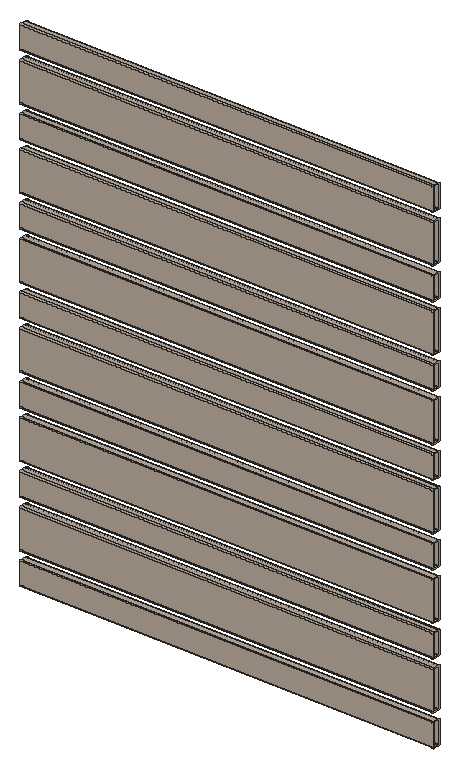
Revit family "Screening-Louver-Assembly-Panel-Palmshield-Mercury_Economic-Alternating-Semi_Private-Aluminum", category Specialty Equipment, Revit 2020
Family settings
  Round Connector Dimension = Use Diameter
  Part Type = Normal
  OmniClass Number = 23.55.00.00
  OmniClass Title = Manufactured Structures
  Work Plane-Based = No
  Always vertical = No
  Cut with Voids When Loaded = No
  Shared = No
  Room Calculation Point = No
Parameters (values of type "Assembly")
  Width [instance] = if(Desired Overall Width < C Min Width, C Min Width, if(Desired Overall Width > C Max Width, C Max Width, Desired Overall Width))  # 6' - 0"
  Warranty URL = "https://palmshieldlouvers.com/wp-content/uploads/2020/01/PalmSHIELD-Warranty-NO-SIGN-LINE.pdf"
  Version = "2020 - v1.0a"  # constant formula
  URL = "https://palmshieldlouvers.com/"
  Product Page URL = "https://palmshieldlouvers.com/products/mercury-eco-semi-private/"
  Product Documentation Link = "https://palmshieldlouvers.com/wp-content/uploads/2022/01/Mercury-Economic-Alternating-Semi-Private.pdf"
  Offset From Surface = 0' - 2"  # constant formula
  Model = "Mercury Economic - Alternating - Semi Private"  # constant formula
  Material = Metal - PalmSHIELD - Grey Beige
  Manufacturer Phone Number = "531-329-4406 "  # constant formula
  Manufacturer Email = "mailto: info@palmshieldlouvers.com"
  Manufacturer Address = "12330 Cary Circle, La Vista, NE 68128"  # constant formula
  Manufacturer = "PalmSHIELD"  # constant formula
  Louver Finish = Metal - PalmSHIELD - Grey Beige
  Keynote = "05 10 00"
  Instruction Sheet Link = "https://palmshieldlouvers.com/wp-content/uploads/2021/09/PalmSHIELD-Mercury-Series-Post-Panel-Gate-Installation-Instructions-2.docx"
  ID [instance] = "Not Assigned"
  Height [instance] = if(Desired Overall Height < C Min Height, C Min Height, if(Desired Overall Height > C Max Height, C Max Height, Desired Overall Height))  # 6' - 0"
  Desired Overall Width [instance] = 4' - 0"
  Desired Overall Height [instance] = 6' - 0"
  Desired Bottom Angle [instance] = 0.00°
  Description = "Mercury Economic - Alternating - Semi Private - Panel Assembly"  # constant formula
  Default Elevation = 0' - 0"
  Copyright = "Copyright ©2024 The American Fence Company and PalmSHIELD. All Rights Reserved."  # constant formula
  Component Vis [instance] = yes
  Component Name [instance] = "Mercury Economic - Alternating - Semi Private"  # constant formula
  C Min Width [instance] = 6' - 0"  # constant formula
  C Min Height [instance] = C Min Width  # 6' - 0"
  C Max Width [instance] = 5' - 0"  # constant formula
  C Max Height [instance] = 6' - 0"  # constant formula
  C Angle [instance] = if(Desired Bottom Angle > 10.00°, 10.00°, if(Desired Bottom Angle < -10.00°, -10.00°, Desired Bottom Angle))  # 0.00°
  Assembly Code = "F1020100"
Reference planes (in)
  plane 1 "Center (Front/Back)": y = 0
  plane 2: z = 0
  plane 3 "Center (Left/Right)": x = 0
  plane 4: z = 72
  plane 5: x = 72
  plane 6: y = 3
  plane 7: y = 1.5
Lines and regions (in)
  reference lines
    curve 1: line (48, 0, 96.95698) -> (48, 0, -11)
    curve 2: line (-20.8931, 0, 72) -> (95.1069, 0, 72)
Dimensions and locks (in)
  "Desired Overall Height": curve 2 to level
  "Desired Overall Width": curve 1 to plane 3 "Center (Left/Right)"
  "Height": plane 4 to level
  "Width": plane 5 to plane 3 "Center (Left/Right)"
  equal spacing: plane 1 "Center (Front/Back)", plane 7, plane 6
  aligned and locked: plane 2 to level
Automatic sketch dimensions
  curve 2 to plane 3 "Center (Left/Right)" = 1' - 8.8931"
  plane 5 to curve 2 = 1' - 11.1069"
  curve 1 to level = 0' - 11"
  plane 4 to curve 1 = 2' - 0.95698"
Nested families (in)
  nested 1: "Screening-Louver-Assembly-Panel-Palmshield-Mercury_Economic-Alternating-Semi_Private-Aluminum" at (0, -2, 0), Desired Overall Height <- "Desired Overall Height", Desired Overall Width <- "Desired Overall Width", ID <- "ID", Height <- "Height", Width <- "Width", Component Vis <- "Component Vis", type "Assembly"
    with Width 6' - 0", Louver Length 4' - 3 5/8", ID "Not Assigned", Height 6' - 0", Desired Overall Width 4' - 0", Desired Overall Height 6' - 0", Component Vis yes, Component Name "Mercury Economic Alternating Semi Private - Panel Assembly - Aluminum", C Top Post Length 4' - 0", C Straight Corner Angle 45.00°, C Slope Angle 0.00°, C Side Frame Width 0' - 0 7/8", C Side Adjustment 0' - 0", C Rib Thickness Bottom Offset 0' - 0", C Rib Bottom Side Offset 0' - 0", C Louver Offset 0' - 0 1/8", C Louver Count B 6, C Louver Count A 7, C Hip 4' - 0", C Frame Offset 0' - 0 3/8", C Desired Bottom Angle 0.00°, C Bottom Offset B 0' - 9", C B-Side Post Length 6' - 0", C B-Side Angle 45.00°, C Angle 90.00°, C A-Side Post Length 6' - 0", C A-Side Angle 45.00°
  nested 2: "Nested-Louvers-Palmshield-Mercury-Economic-Alternating-Semi_Private-Aluminum" at (-1.8125, 0, 8.5) x (0, 1, 0) z (1, 0, 0), type "0.938" X 3" ALUMINUM SLAT, TYP."
    with Material Metal - PalmSHIELD - Grey Beige, Length 4' - 3 5/8", ID "", Component Name "Mercury Economic Alternating Semi Private - Aluminum - Louvers"
  nested 3: "Nested-Louvers-Palmshield-Mercury-Economic-Alternating-Semi_Private-Aluminum" at (-1.8125, 0, 18.5) x (0, 1, 0) z (1, 0, 0), type "0.938" X 3" ALUMINUM SLAT, TYP."
    with Material Metal - PalmSHIELD - Grey Beige, Length 4' - 3 5/8", ID "", Component Name "Mercury Economic Alternating Semi Private - Aluminum - Louvers"
  nested 4: "Nested-Louvers-Palmshield-Mercury-Economic-Alternating-Semi_Private-Aluminum" at (-1.8125, 0, 28.5) x (0, 1, 0) z (1, 0, 0), type "0.938" X 3" ALUMINUM SLAT, TYP."
    with Material Metal - PalmSHIELD - Grey Beige, Length 4' - 3 5/8", ID "", Component Name "Mercury Economic Alternating Semi Private - Aluminum - Louvers"
  nested 5: "Nested-Louvers-Palmshield-Mercury-Economic-Alternating-Semi_Private-Aluminum" at (-1.8125, 0, 12.5) x (0, 1, 0) z (1, 0, 0), type "0.938" X 5" ALUMINUM SLAT, TYP."
    with Material Metal - PalmSHIELD - Grey Beige, Length 4' - 3 5/8", ID "", Component Name "Mercury Economic Alternating Semi Private - Aluminum - Louvers"
  nested 6: "Nested-Louvers-Palmshield-Mercury-Economic-Alternating-Semi_Private-Aluminum" at (-1.8125, 0, 22.5) x (0, 1, 0) z (1, 0, 0), type "0.938" X 5" ALUMINUM SLAT, TYP."
    with Material Metal - PalmSHIELD - Grey Beige, Length 4' - 3 5/8", ID "", Component Name "Mercury Economic Alternating Semi Private - Aluminum - Louvers"
  nested 7: "Nested-Louvers-Palmshield-Mercury-Economic-Alternating-Semi_Private-Aluminum" at (-1.8125, 0, 32.5) x (0, 1, 0) z (1, 0, 0), type "0.938" X 5" ALUMINUM SLAT, TYP."
    with Material Metal - PalmSHIELD - Grey Beige, Length 4' - 3 5/8", ID "", Component Name "Mercury Economic Alternating Semi Private - Aluminum - Louvers"
  nested 8: "Nested-Louvers-Palmshield-Mercury-Economic-Alternating-Semi_Private-Aluminum" at (-1.8125, 0, 42.5) x (0, 1, 0) z (1, 0, 0), type "0.938" X 5" ALUMINUM SLAT, TYP."
    with Material Metal - PalmSHIELD - Grey Beige, Length 4' - 3 5/8", ID "", Component Name "Mercury Economic Alternating Semi Private - Aluminum - Louvers"
  nested 9: "Nested-Louvers-Palmshield-Mercury-Economic-Alternating-Semi_Private-Aluminum" at (-1.8125, 0, 38.5) x (0, 1, 0) z (1, 0, 0), type "0.938" X 3" ALUMINUM SLAT, TYP."
    with Material Metal - PalmSHIELD - Grey Beige, Length 4' - 3 5/8", ID "", Component Name "Mercury Economic Alternating Semi Private - Aluminum - Louvers"
  nested 10: "Nested-Louvers-Palmshield-Mercury-Economic-Alternating-Semi_Private-Aluminum" at (-1.8125, 0, 48.5) x (0, 1, 0) z (1, 0, 0), type "0.938" X 3" ALUMINUM SLAT, TYP."
    with Material Metal - PalmSHIELD - Grey Beige, Length 4' - 3 5/8", ID "", Component Name "Mercury Economic Alternating Semi Private - Aluminum - Louvers"
  nested 11: "Nested-Louvers-Palmshield-Mercury-Economic-Alternating-Semi_Private-Aluminum" at (-1.8125, 0, 58.5) x (0, 1, 0) z (1, 0, 0), type "0.938" X 3" ALUMINUM SLAT, TYP."
    with Material Metal - PalmSHIELD - Grey Beige, Length 4' - 3 5/8", ID "", Component Name "Mercury Economic Alternating Semi Private - Aluminum - Louvers"
  nested 12: "Nested-Louvers-Palmshield-Mercury-Economic-Alternating-Semi_Private-Aluminum" at (-1.8125, 0, 52.5) x (0, 1, 0) z (1, 0, 0), type "0.938" X 5" ALUMINUM SLAT, TYP."
    with Material Metal - PalmSHIELD - Grey Beige, Length 4' - 3 5/8", ID "", Component Name "Mercury Economic Alternating Semi Private - Aluminum - Louvers"
  nested 13: "Nested-Louvers-Palmshield-Mercury-Economic-Alternating-Semi_Private-Aluminum" at (-1.8125, 0, 68.5) x (0, 1, 0) z (1, 0, 0), type "0.938" X 3" ALUMINUM SLAT, TYP."
    with Material Metal - PalmSHIELD - Grey Beige, Length 4' - 3 5/8", ID "", Component Name "Mercury Economic Alternating Semi Private - Aluminum - Louvers"
  nested 14: "Nested-Louvers-Palmshield-Mercury-Economic-Alternating-Semi_Private-Aluminum" at (-1.8125, 0, 62.5) x (0, 1, 0) z (1, 0, 0), type "0.938" X 5" ALUMINUM SLAT, TYP."
    with Material Metal - PalmSHIELD - Grey Beige, Length 4' - 3 5/8", ID "", Component Name "Mercury Economic Alternating Semi Private - Aluminum - Louvers"
Definition of nested family "Nested-Louvers-Palmshield-Mercury-Economic-Alternating-Semi_Private-Aluminum"
  Parameters (values of type "0.938" X 3" ALUMINUM SLAT, TYP.")
    Width = if(Constraints = 1, 0' 5", 0' 3")  # 0' - 3"
    Warranty URL = "https://palmshieldlouvers.com/wp-content/uploads/2020/01/PalmSHIELD-Warranty-NO-SIGN-LINE.pdf"
    Version = "2020 - v1.0a"  # constant formula
    URL = "https://palmshieldlouvers.com/"
    Thickness = 0' - 0 15/16"  # constant formula
    Product Page URL = "https://palmshieldlouvers.com/products/mercury-screening/"
    Product Documentation Link = "https://palmshieldlouvers.com/wp-content/uploads/2022/01/Mercury-Economic-Alternating-Semi-Private.pdf"
    Model = "Mercury Economic Semi Private Alternating"  # constant formula
    Material [instance] = none
    Manufacturer Phone Number = "531-329-4406 "  # constant formula
    Manufacturer Fax Number = "Consult Manufacturer Website for More Information"  # constant formula
    Manufacturer Email = "mailto: info@palmshieldlouvers.com"
    Manufacturer Address = "12330 Cary Circle, La Vista, NE 68128"  # constant formula
    Manufacturer = "PalmSHIELD"  # constant formula
    Length [instance] = 4' - 4.86713"
    Keynote = "05 10 00"
    Instruction Sheet Link = "https://palmshieldlouvers.com/wp-content/uploads/2021/09/PalmSHIELD-Mercury-Series-Post-Panel-Gate-Installation-Instructions-2.docx"
    ID [instance] = ""
    Description = "Mercury Economic Semi Private Alternating - Louvers"  # constant formula
    Default Elevation = 4' - 0"
    Copyright = "Copyright ©2024 The American Fence Company and PalmSHIELD. All Rights Reserved."  # constant formula
    Constraints = 2
    Component Name [instance] = "Mercury Economic Alternating Semi Private - Aluminum - Louvers"  # constant formula
    Assembly Code = "F1020100"
  Types (2): name | Width | Constraints
    0.938" X 5" ALUMINUM SLAT, TYP. | 0' - 5" | 1
    0.938" X 3" ALUMINUM SLAT, TYP. | 0' - 3" | 2
  Reference planes (in)
    plane 1 "Center (Front/Back)": y = 0
    plane 2: z = 0
    plane 3 "Center (Left/Right)": x = 0
    plane 4: z = 52.86713
  Forms (in)
    Extrusion 1, solid
      sketch origin (0, 0, 0) x (1, 0, 0) y (0, 1, 0)
        loop
          line (-48, 48) -> (-48, -48) -> (48, -48) -> (48, 48) -> (-48, 48)
      from 0 to -12
    Sweep 2, solid, material <- "Material"
      path origin (0, 0, 0) x (0, 1, 0) y (0, 0, 1)
        loop
          line (0, 0) -> (0, 52.86713)
      profile "Profile-Palmshield-Louver : Default" origin (0, 0, 26.43357) x (0, -1, 0) y (1, 0, 0)
        loop
          line (-0.125, 0.4065) -> (-2.875, 0.4065)
          arc (-2.875, 0.4065) -> (-2.91919, 0.38819) -> (-2.9375, 0.344) r 0.0625
          line (-2.9375, 0.344) -> (-2.9375, -0.344)
          arc (-2.9375, -0.344) -> (-2.91919, -0.38819) -> (-2.875, -0.4065) r 0.0625
          line (-2.875, -0.4065) -> (-0.125, -0.4065)
          arc (-0.125, -0.4065) -> (-0.08081, -0.38819) -> (-0.0625, -0.344) r 0.0625
          line (-0.0625, -0.344) -> (-0.0625, 0.344)
          arc (-0.0625, 0.344) -> (-0.08081, 0.38819) -> (-0.125, 0.4065) r 0.0625
        loop
          line (-3, 0.344) -> (-3, -0.344)
          arc (-3, -0.344) -> (-2.96339, -0.43239) -> (-2.875, -0.469) r 0.125
          line (-2.875, -0.469) -> (-0.125, -0.469)
          arc (-0.125, -0.469) -> (-0.03661, -0.43239) -> (0, -0.344) r 0.125
          line (0, -0.344) -> (0, 0.344)
          arc (0, 0.344) -> (-0.03661, 0.43239) -> (-0.125, 0.469) r 0.125
          line (-0.125, 0.469) -> (-2.875, 0.469)
          arc (-2.875, 0.469) -> (-2.96339, 0.43239) -> (-3, 0.344) r 0.125
  Dimensions and locks (in)
    "Length": plane 4 to plane 2
    aligned and locked: plane 2 to Extrusion 1
    aligned and locked: level to Extrusion 1
    aligned and locked: plane 1 "Center (Front/Back)" to Sweep 2 sketch curve
    aligned and locked: plane 4 to Sweep 2 sketch curve
  Automatic sketch dimensions
    Extrusion 1 sketch curve to Extrusion 1 sketch curve = 8' - 0"  (x2)
    Sweep 2 sketch curve to level = 0' - 0"
Definition of nested family "Screening-Louver-Assembly-Panel-Palmshield-Mercury_Economic-Alternating-Semi_Private-Aluminum"
  Parameters (values of type "Default")
    Width [instance] = if(Desired Overall Width < 3' 4", 3' 4", if(Desired Overall Width > 5' 0", 5' 0", Desired Overall Width))  # 4' - 0"
    Warranty URL = "https://palmshieldlouvers.com/wp-content/uploads/2020/01/PalmSHIELD-Warranty-NO-SIGN-LINE.pdf"
    Version = "2020 - v1.0a"  # constant formula
    URL = "https://palmshieldlouvers.com/"
    Offset From Surface = 0' - 3 1/2"  # constant formula
    Material = none
    Louver Separation = 0' - 10"  # constant formula
    Product Page URL = "https://palmshieldlouvers.com/products/mercury-screening/"
    Product Documentation Link = "https://palmshieldlouvers.com/wp-content/uploads/2022/01/Mercury-Economic-Alternating-Semi-Private.pdf"
    Model = "Mercury Economic - Alternating - Semi Private"  # constant formula
    Manufacturer Phone Number = "531-329-4406 "  # constant formula
    Manufacturer Fax Number = "Consult Manufacturer Website for More Information"  # constant formula
    Manufacturer Email = "mailto: info@palmshieldlouvers.com"
    Manufacturer Address = "12330 Cary Circle, La Vista, NE 68128"  # constant formula
    Manufacturer = "PalmSHIELD"  # constant formula
    Louver Length [instance] = Width + 2 * C Frame Overlap  # 4' - 3 5/8"
    Keynote = "05 10 00"
    Instruction Sheet Link = "https://palmshieldlouvers.com/wp-content/uploads/2021/09/PalmSHIELD-Mercury-Series-Post-Panel-Gate-Installation-Instructions-2.docx"
    ID [instance] = "Not Assgined"
    Height [instance] = if(Desired Overall Height < 3' 0", 3' 0", if(Desired Overall Height > 6' 0", 6' 0", Desired Overall Height))  # 6' - 0"
    Component Vis [instance] = yes
    C Top Offset B = 0' - 0 1/2"  # constant formula
    C Louver Count B [instance] = 1 + rounddown((Height - C Bottom Offset B - C Top Offset B - 0' 3") / Louver Separation)  # 6
    C Frame Width = 0' - 4"  # constant formula
    C Frame Thickness = 0' - 0 1/8"  # constant formula
    Desired Overall Width [instance] = 4' - 0"
    Desired Overall Height [instance] = 6' - 0 1/2"
    Description = "Mercury Economic - Alternating - Semi Private - Panel Assembly"  # constant formula
    Default Elevation = 4' - 0"
    Copyright = "Copyright ©2024 The American Fence Company and PalmSHIELD. All Rights Reserved."  # constant formula
    Component Name [instance] = "Mercury Economic Alternating Semi Private - Panel Assembly - Aluminum"  # constant formula
    C Top Post Length [instance] = Width  # 4' - 0"
    C Top Offset A = 0' - 4 1/2"  # constant formula
    C Straight Corner Angle [instance] = 45.00°  # constant formula
    C Slope Angle [instance] = if(C Desired Bottom Angle < -25.00°, 25.00°, if(C Desired Bottom Angle > 25.00°, 25.00°, C Desired Bottom Angle))  # 0.00°
    C Side Frame Width [instance] = 0' - 0 7/8"  # constant formula
    C Rib Thickness Bottom Offset [instance] = 0' - 0"  # constant formula
    C Rib Bottom Side Offset [instance] = if(C Slope Angle < 0.00°, -C Frame Thickness * sin(C Slope Angle), C Frame Thickness * sin(C Slope Angle))  # 0' - 0"
    C Louver Overlap = 0' - 0 1/2"  # constant formula
    C Louver Offset [instance] = 0' - 0 1/8"  # constant formula
    C Louver Count A [instance] = 1 + rounddown((Height - C Bottom Offset A - C Top Offset B - 0' 5") / Louver Separation)  # 7
    C Hip [instance] = Width / cos(C Slope Angle)  # 4' - 0"
    C Side Adjustment [instance] = -C Hip * sin(C Slope Angle)  # 0' - 0"
    C Frame Overlap = 0' - 1 13/16"  # constant formula
    C Frame Offset [instance] = C Side Frame Width - 0' 0 1/2"  # 0' - 0 3/8"
    C Bottom Offset B [instance] = 0' - 9"  # constant formula
    C Bottom Offset A = 0' - 3"  # constant formula
    C B-Side Post Length [instance] = Height + C Side Adjustment  # 6' - 0"
    C B-Side Angle [instance] = (90.00° - C Slope Angle) / 2  # 45.00°
    C Angle [instance] = if(C Slope Angle < -25.00°, 90.00° - 25.00°, if(C Slope Angle > 25.00°, 90.00° + 25.00°, 90.00° - C Slope Angle))  # 90.00°
    C Desired Bottom Angle [instance] = 0.00°  # constant formula
    C A-Side Post Length [instance] = Height  # 6' - 0"
    C A-Side Angle [instance] = (90.00° + C Slope Angle) / 2  # 45.00°
    Assembly Code = "F1020100"
  Reference planes (in)
    plane 1: y = 0
    plane 2: z = 0
    plane 3 "Side A": x = 0
    plane 4 "Top": z = 72
    plane 5 "Side B": x = 48
    plane 6: y = 4
    plane 7: z = 72
    plane 8: x = 0
    plane 9: x = -1.8125
    plane 10 "Center (Front/Back)": y = 2
    plane 11: x = 24
    plane 12: z = 3
    plane 13: z = 67.5
    plane 14: z = 13
    plane 15: z = 9
    plane 16: z = 71.5
    plane 17: z = 19
    plane 18: x = 49.8125
    plane 19: z = 61.5
    plane 20: z = 57.5
  Forms (in)
    Extrusion 1, solid
      sketch origin (0, 0, 0) x (1, 0, 0) y (0, 1, 0)
        loop
          line (-48, 48) -> (-48, -48) -> (48, -48) -> (48, 48) -> (-48, 48)
      from 0 to -12
  Lines and regions (in)
    reference lines
      curve 1: line (0, 0, 3.14604) -> (84, 0, 3.14604)
      curve 2: line (15.625, 0, 3.14604) -> (26.375, 0, 3.14604)
      curve 3: line (31.625, 0, 3.14604) -> (41.625, 0, 3.14604)
      curve 4: line (-25.10096, 0, 72.5) -> (88.51525, 0, 72.5)
      curve 5: line (48, 0, 3.14604) -> (53.25, 0, 3.14604)
      curve 6: line (48, 0, 91.91427) -> (48, 0, -22.08573)
      curve 7: line (-1.8125, 19.58446, 72.5) -> (-1.8125, -23.41554, 72.5)
  Dimensions and locks (in)
    "Width": plane 5 "Side B" to plane 3 "Side A"
    plane 3 "Side A" to plane 5 "Side B" = 4' - 0"
    plane 4 "Top" to plane 7 = 0' - 0"
    "C Rib Bottom Side Offset": plane 3 "Side A" to plane 8
    equal spacing: plane 1, plane 10 "Center (Front/Back)", plane 6
    equal spacing: plane 3 "Side A", plane 11, plane 5 "Side B"
    "C Frame Overlap": plane 3 "Side A" to plane 9
    "C Bottom Offset A": plane 12 to plane 2
    "C Top Offset A": plane 7 to plane 13
    "Desired Overall Width": curve 6 to plane 3 "Side A"
    "C Frame Width": plane 6 to plane 1
    "Louver Separation": plane 12 to plane 14
    "C Bottom Offset B": plane 15 to Extrusion 1
    "C Top Offset B": plane 7 to plane 16
    "Desired Overall Height": curve 7 to level
    "Louver Separation": plane 15 to plane 17
    equal spacing: group 1, group 2, group 7, group 8, group 9, group 10  (x2)
    equal spacing: group 10, group 9, group 8, group 7, group 2, group 1
    equal spacing: group 3, group 4, group 5, group 6, group 11, group 12, group 13  (x2)
    equal spacing: group 13, group 12, group 11, group 6, group 5, group 4, group 3
    "C Frame Overlap": plane 18 to plane 5 "Side B"
    "Louver Separation": plane 19 to plane 16
    "Louver Separation": plane 20 to plane 13
    "Desired Overall Height": curve 4 to plane 2
    "Height": plane 4 "Top" to plane 2
    "C Angle": angle curve 1 to plane 3 "Side A"
    locked: curve 5 to plane 5 "Side B" (angle 90.00°)
    aligned and locked: plane 2 to Extrusion 1
    aligned and locked: level to Extrusion 1
    aligned and locked: plane 3 "Side A" to curve 1
    aligned and locked: plane 10 "Center (Front/Back)" to nested 2
    aligned and locked: nested 2 to plane 16
    aligned and locked: plane 10 "Center (Front/Back)" to nested 4
    aligned and locked: plane 19 to nested 4
    aligned and locked: plane 10 "Center (Front/Back)" to nested 1
    aligned and locked: nested 1 to plane 13
    aligned and locked: plane 10 "Center (Front/Back)" to nested 3
    aligned and locked: plane 20 to nested 3
  Automatic sketch dimensions
    Extrusion 1 sketch curve to Extrusion 1 sketch curve = 8' - 0"  (x2)
    curve 5 to plane 5 "Side B" = 0' - 0"
    curve 4 to plane 9 = 1' - 11.28846"
    curve 2 to plane 12 = 0' - 0.14604"
    curve 2 to plane 11 = 0' - 8 3/8"
    plane 11 to curve 2 = 0' - 2 3/8"
    curve 3 to plane 12 = 0' - 0.14604"
    curve 2 to curve 3 = 0' - 5 1/4"
    curve 3 to curve 5 = 0' - 6 3/8"
    plane 18 to curve 4 = 3' - 2.70275"
    curve 5 to plane 12 = 0' - 0.14604"
    curve 6 to level = 1' - 10.08573"
    plane 4 "Top" to curve 6 = 1' - 7.91427"
    curve 7 to plane 6 = 1' - 3.58446"
    plane 1 to curve 7 = 1' - 11.41554"
  Nested families (in)
    nested 1: "Nested-Louvers-Palmshield-Mercury-Economic-Alternating-Semi_Private-Aluminum" at (-1.8125, 2, 62.5) x (0, 1, 0) z (1, 0, 0), Material <- "Material", Length <- "Louver Length", visible <- "Component Vis", type "0.938" X 5" ALUMINUM SLAT, TYP."
      with Material none, Length 4' - 3 5/8", ID "", Component Name "Mercury Economic Alternating Semi Private - Aluminum - Louvers"
    nested 2: "Nested-Louvers-Palmshield-Mercury-Economic-Alternating-Semi_Private-Aluminum" at (-1.8125, 2, 68.5) x (0, 1, 0) z (1, 0, 0), Material <- "Material", Length <- "Louver Length", visible <- "Component Vis", type "0.938" X 3" ALUMINUM SLAT, TYP."
      with Material none, Length 4' - 3 5/8", ID "", Component Name "Mercury Economic Alternating Semi Private - Aluminum - Louvers"
    nested 3: "Nested-Louvers-Palmshield-Mercury-Economic-Alternating-Semi_Private-Aluminum" at (-1.8125, 2, 52.5) x (0, 1, 0) z (1, 0, 0), Material <- "Material", Length <- "Louver Length", visible <- "Component Vis", type "0.938" X 5" ALUMINUM SLAT, TYP."
      with Material none, Length 4' - 3 5/8", ID "", Component Name "Mercury Economic Alternating Semi Private - Aluminum - Louvers"
    nested 4: "Nested-Louvers-Palmshield-Mercury-Economic-Alternating-Semi_Private-Aluminum" at (-1.8125, 2, 58.5) x (0, 1, 0) z (1, 0, 0), Material <- "Material", Length <- "Louver Length", visible <- "Component Vis", type "0.938" X 3" ALUMINUM SLAT, TYP."
      with Material none, Length 4' - 3 5/8", ID "", Component Name "Mercury Economic Alternating Semi Private - Aluminum - Louvers"
    nested 5: "Nested-Louvers-Palmshield-Mercury-Economic-Alternating-Semi_Private-Aluminum" at (-1.8125, 2, 48.5) x (0, 1, 0) z (1, 0, 0), Material <- "Material", Length <- "Louver Length", visible <- "Component Vis", type "0.938" X 3" ALUMINUM SLAT, TYP."
      with Material none, Length 4' - 3 5/8", ID "", Component Name "Mercury Economic Alternating Semi Private - Aluminum - Louvers"
    nested 6: "Nested-Louvers-Palmshield-Mercury-Economic-Alternating-Semi_Private-Aluminum" at (-1.8125, 2, 38.5) x (0, 1, 0) z (1, 0, 0), Material <- "Material", Length <- "Louver Length", visible <- "Component Vis", type "0.938" X 3" ALUMINUM SLAT, TYP."
      with Material none, Length 4' - 3 5/8", ID "", Component Name "Mercury Economic Alternating Semi Private - Aluminum - Louvers"
    nested 7: "Nested-Louvers-Palmshield-Mercury-Economic-Alternating-Semi_Private-Aluminum" at (-1.8125, 2, 42.5) x (0, 1, 0) z (1, 0, 0), Material <- "Material", Length <- "Louver Length", visible <- "Component Vis", type "0.938" X 5" ALUMINUM SLAT, TYP."
      with Material none, Length 4' - 3 5/8", ID "", Component Name "Mercury Economic Alternating Semi Private - Aluminum - Louvers"
    nested 8: "Nested-Louvers-Palmshield-Mercury-Economic-Alternating-Semi_Private-Aluminum" at (-1.8125, 2, 32.5) x (0, 1, 0) z (1, 0, 0), Material <- "Material", Length <- "Louver Length", visible <- "Component Vis", type "0.938" X 5" ALUMINUM SLAT, TYP."
      with Material none, Length 4' - 3 5/8", ID "", Component Name "Mercury Economic Alternating Semi Private - Aluminum - Louvers"
    nested 9: "Nested-Louvers-Palmshield-Mercury-Economic-Alternating-Semi_Private-Aluminum" at (-1.8125, 2, 22.5) x (0, 1, 0) z (1, 0, 0), Material <- "Material", Length <- "Louver Length", visible <- "Component Vis", type "0.938" X 5" ALUMINUM SLAT, TYP."
      with Material none, Length 4' - 3 5/8", ID "", Component Name "Mercury Economic Alternating Semi Private - Aluminum - Louvers"
    nested 10: "Nested-Louvers-Palmshield-Mercury-Economic-Alternating-Semi_Private-Aluminum" at (-1.8125, 2, 12.5) x (0, 1, 0) z (1, 0, 0), Material <- "Material", Length <- "Louver Length", visible <- "Component Vis", type "0.938" X 5" ALUMINUM SLAT, TYP."
      with Material none, Length 4' - 3 5/8", ID "", Component Name "Mercury Economic Alternating Semi Private - Aluminum - Louvers"
    nested 11: "Nested-Louvers-Palmshield-Mercury-Economic-Alternating-Semi_Private-Aluminum" at (-1.8125, 2, 28.5) x (0, 1, 0) z (1, 0, 0), Material <- "Material", Length <- "Louver Length", visible <- "Component Vis", type "0.938" X 3" ALUMINUM SLAT, TYP."
      with Material none, Length 4' - 3 5/8", ID "", Component Name "Mercury Economic Alternating Semi Private - Aluminum - Louvers"
    nested 12: "Nested-Louvers-Palmshield-Mercury-Economic-Alternating-Semi_Private-Aluminum" at (-1.8125, 2, 18.5) x (0, 1, 0) z (1, 0, 0), Material <- "Material", Length <- "Louver Length", visible <- "Component Vis", type "0.938" X 3" ALUMINUM SLAT, TYP."
      with Material none, Length 4' - 3 5/8", ID "", Component Name "Mercury Economic Alternating Semi Private - Aluminum - Louvers"
    nested 13: "Nested-Louvers-Palmshield-Mercury-Economic-Alternating-Semi_Private-Aluminum" at (-1.8125, 2, 8.5) x (0, 1, 0) z (1, 0, 0), Material <- "Material", Length <- "Louver Length", visible <- "Component Vis", type "0.938" X 3" ALUMINUM SLAT, TYP."
      with Material none, Length 4' - 3 5/8", ID "", Component Name "Mercury Economic Alternating Semi Private - Aluminum - Louvers"
  Definition of nested family "Nested-Louvers-Palmshield-Mercury-Economic-Alternating-Semi_Private-Aluminum"
    Parameters (values of type "0.938" X 3" ALUMINUM SLAT, TYP.")
      Width = if(Constraints = 1, 0' 5", 0' 3")  # 0' - 3"
      Warranty URL = "https://palmshieldlouvers.com/wp-content/uploads/2020/01/PalmSHIELD-Warranty-NO-SIGN-LINE.pdf"
      Version = "2020 - v1.0a"  # constant formula
      URL = "https://palmshieldlouvers.com/"
      Thickness = 0' - 0 15/16"  # constant formula
      Product Page URL = "https://palmshieldlouvers.com/products/mercury-screening/"
      Product Documentation Link = "https://palmshieldlouvers.com/wp-content/uploads/2022/01/Mercury-Economic-Alternating-Semi-Private.pdf"
      Model = "Mercury Economic Semi Private Alternating"  # constant formula
      Material [instance] = none
      Manufacturer Phone Number = "531-329-4406 "  # constant formula
      Manufacturer Fax Number = "Consult Manufacturer Website for More Information"  # constant formula
      Manufacturer Email = "mailto: info@palmshieldlouvers.com"
      Manufacturer Address = "12330 Cary Circle, La Vista, NE 68128"  # constant formula
      Manufacturer = "PalmSHIELD"  # constant formula
      Length [instance] = 4' - 4.86713"
      Keynote = "05 10 00"
      Instruction Sheet Link = "https://palmshieldlouvers.com/wp-content/uploads/2021/09/PalmSHIELD-Mercury-Series-Post-Panel-Gate-Installation-Instructions-2.docx"
      ID [instance] = ""
      Description = "Mercury Economic Semi Private Alternating - Louvers"  # constant formula
      Default Elevation = 4' - 0"
      Copyright = "Copyright ©2024 The American Fence Company and PalmSHIELD. All Rights Reserved."  # constant formula
      Constraints = 2
      Component Name [instance] = "Mercury Economic Alternating Semi Private - Aluminum - Louvers"  # constant formula
      Assembly Code = "F1020100"
    Types (2): name | Width | Constraints
      0.938" X 5" ALUMINUM SLAT, TYP. | 0' - 5" | 1
      0.938" X 3" ALUMINUM SLAT, TYP. | 0' - 3" | 2
    Reference planes (in)
      plane 1 "Center (Front/Back)": y = 0
      plane 2: z = 0
      plane 3 "Center (Left/Right)": x = 0
      plane 4: z = 52.86713
    Forms (in)
      Extrusion 1, solid
        sketch origin (0, 0, 0) x (1, 0, 0) y (0, 1, 0)
          loop
            line (-48, 48) -> (-48, -48) -> (48, -48) -> (48, 48) -> (-48, 48)
        from 0 to -12
      Sweep 2, solid, material <- "Material"
        path origin (0, 0, 0) x (0, 1, 0) y (0, 0, 1)
          loop
            line (0, 0) -> (0, 52.86713)
        profile "Profile-Palmshield-Louver : Default" origin (0, 0, 26.43357) x (0, -1, 0) y (1, 0, 0)
          loop
            line (-0.125, 0.4065) -> (-2.875, 0.4065)
            arc (-2.875, 0.4065) -> (-2.91919, 0.38819) -> (-2.9375, 0.344) r 0.0625
            line (-2.9375, 0.344) -> (-2.9375, -0.344)
            arc (-2.9375, -0.344) -> (-2.91919, -0.38819) -> (-2.875, -0.4065) r 0.0625
            line (-2.875, -0.4065) -> (-0.125, -0.4065)
            arc (-0.125, -0.4065) -> (-0.08081, -0.38819) -> (-0.0625, -0.344) r 0.0625
            line (-0.0625, -0.344) -> (-0.0625, 0.344)
            arc (-0.0625, 0.344) -> (-0.08081, 0.38819) -> (-0.125, 0.4065) r 0.0625
          loop
            line (-3, 0.344) -> (-3, -0.344)
            arc (-3, -0.344) -> (-2.96339, -0.43239) -> (-2.875, -0.469) r 0.125
            line (-2.875, -0.469) -> (-0.125, -0.469)
            arc (-0.125, -0.469) -> (-0.03661, -0.43239) -> (0, -0.344) r 0.125
            line (0, -0.344) -> (0, 0.344)
            arc (0, 0.344) -> (-0.03661, 0.43239) -> (-0.125, 0.469) r 0.125
            line (-0.125, 0.469) -> (-2.875, 0.469)
            arc (-2.875, 0.469) -> (-2.96339, 0.43239) -> (-3, 0.344) r 0.125
    Dimensions and locks (in)
      "Length": plane 4 to plane 2
      aligned and locked: plane 2 to Extrusion 1
      aligned and locked: level to Extrusion 1
      aligned and locked: plane 1 "Center (Front/Back)" to Sweep 2 sketch curve
      aligned and locked: plane 4 to Sweep 2 sketch curve
    Automatic sketch dimensions
      Extrusion 1 sketch curve to Extrusion 1 sketch curve = 8' - 0"  (x2)
      Sweep 2 sketch curve to level = 0' - 0"
